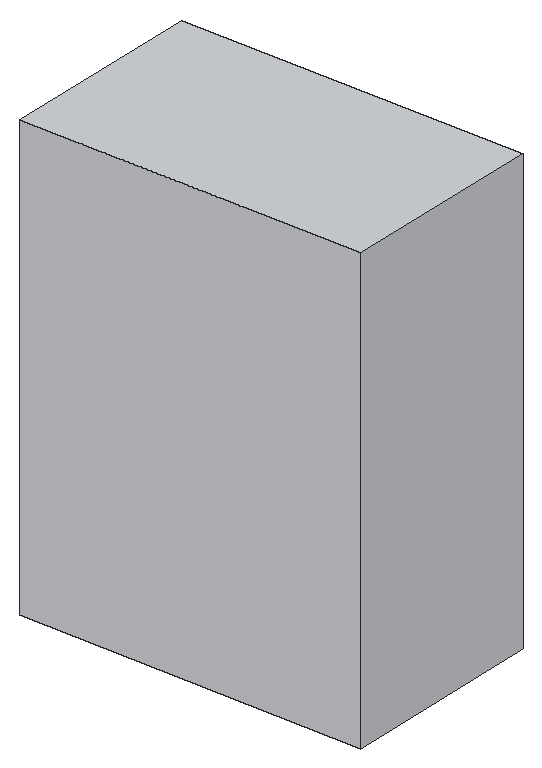
Revit family
Parameters
  Warranty Duration (Years) = 0
  Unit Width [instance] = 2' - 6"
  Unit Height [instance] = 0' - 9 99/256"
  Unit Depth = 0' - 0"
  URL = "http://www.americanspecialties.com/viewCategories.cfm"
  Trim Material = Metal - Stainless Steel w/satin
  Test Data = ""
  Specification = "http://www.arcat.com/sdspecs/htm/10810asi.htm"
  SpecWizard = ""
  Send Message = "http://www.arcat.com/users.pl?action=UserEmail&company=American%20Specialties,%20Inc.&coid=30448&rep=139&fax=914-476-0688&mf="
  Sales Information = "http://www.americanspecialties.com/contact"
  Revision = "R1_10-2010"
  Product Properties = "http://www.americanspecialties.com/datasheets/1615.pdf"
  Product Data = "http://www.arcat.com/arcatcos/cos30/arc30448.html"
  Model = "As Specified in 10 28 13"
  Manufacturer Website = "http://www.americanspecialties.com/viewCategories.cfm"
  Manufacturer Phone - Toll Free = ""
  Manufacturer Phone = "914-476-9000 "
  Manufacturer Fax = "914-476-0688"
  Manufacturer Address = "441 Saw Mill River Rd., Yonkers, NY 10701"
  Manufacturer = "American Specialties, Inc."
  Maintenance Schedule (Months) = 0
  Keynote = "10 28 13"
  Installation-Fabrication = "http://www.americanspecialties.com/products.cfm"
  Green Building-LEED = ""
  Expected Lifespan (Years) = 0
  Drawn By = "Robert S. Weygant. CSI, CDT, SCIP"  # constant formula
  Description = "Toilet Accessory as Specified in 10 28 13"
  Default Elevation = 4' - 0"
  Copyright = "©Arcat Inc."
  Construction Details = "http://www.arcat.com/green/clients/leed_data_30448.html"
  Building Codes = "http://www.americanspecialties.com/products.cfm"
  Body Material = Metal - Stainless Steel w/satin
  Assembly Code = "C1030210"
Reference planes (in)
  plane 1 "Center (Front/Back)": y = -0.29112
  plane 2 "Floor Line": z = 0
  plane 3 "Center (Left/Right)": x = -0.65843
  plane 4: z = 52.69336
  plane 5: x = -15.65843
  plane 6: x = 14.34157
  plane 7: z = 48
  plane 8: z = 57.38672
Forms (in)
  Extrusion 1, solid
    sketch origin (-3, -9, -6) x (0, 0, -1) y (1, 0, 0)
      loop
        line (-82, 31.34157) -> (-82, -26.99487) -> (-6, -26.99487) -> (-6, 31.34157) -> (-82, 31.34157)
    from 9 to -25.60721
  Extrusion 2, solid, material "Metal - Stainless Steel w/satin" <- "Body Material"
    sketch origin (0, 0, 0) x (1, 0, 0) y (0, 1, 0)
      loop
        circle (-15.65843, -0.29112) r 1.5
      loop
        circle (14.34157, -0.29112) r 1.5
      loop
        circle (-15.08812, 0.69669) r 0.125
      loop
        circle (-16.79906, -0.29112) r 0.125
      loop
        circle (-15.08812, -1.27893) r 0.125
      loop
        circle (13.77125, 0.69669) r 0.125
      loop
        circle (15.48219, -0.29112) r 0.125
      loop
        circle (13.77125, -1.27893) r 0.125
    from 0 to 0.25
  Sweep 3, solid, material "Metal - Stainless Steel w/satin" <- "Body Material"
    path origin (0, -0.29112, 0) x (1, 0, 0) y (0, 0, 1)
      loop
        line (-15.65843, 0.25) -> (-15.65843, 0.75)
        arc (-15.65843, 0.75) -> (-15.21909, 1.81066) -> (-14.15843, 2.25) r 1.5
        line (-14.15843, 2.25) -> (12.84157, 2.25)
        arc (12.84157, 2.25) -> (13.90223, 1.81066) -> (14.34157, 0.75) r 1.5
        line (14.34157, 0.75) -> (14.34157, 0.25)
    profile origin (-15.65843, -0.29112, 0.5) x (-1, 0, 0) y (0, -1, 0)
      loop
        circle (0, 0) r 0.75
  Extrusion 4, solid, material "Metal - Stainless Steel w/satin" <- "Body Material"
    sketch origin (0, 0, 0) x (1, 0, 0) y (0, 1, 0)
      loop
        line (-15.67555, -1.10362) -> (14.35868, -1.10362) -> (14.35868, -1.04112) -> (-15.67555, -1.04112) -> (-15.67555, -1.10362)
    from 0.25 to 2.26533
  Extrusion 5, void
    sketch origin (0, -0.29112, 0) x (1, 0, 0) y (0, 0, 1)
      loop
        line (-15.65843, 0.25) -> (-15.65843, 0.75)
        arc (-15.65843, 0.75) -> (-15.21909, 1.81066) -> (-14.15843, 2.25) r 1.5
        line (-14.15843, 2.25) -> (12.84157, 2.25)
        arc (12.84157, 2.25) -> (13.90223, 1.81066) -> (14.34157, 0.75) r 1.5
        line (14.34157, 0.75) -> (14.34157, 0.25) -> (16.09157, 0.25) -> (16.09157, 4) -> (-17.65843, 4) -> (-17.65843, 0.25) -> (-15.65843, 0.25)
    from 0 to 3.25636
Cuts and joins
  Extrusion 5 cuts Extrusion 2
  Extrusion 5 cuts Extrusion 4
Dimensions and locks (in)
  equal spacing: plane 8, plane 4, plane 7
  "Unit Height": plane 8 to plane 7
  "Default Elevation": plane 7 to plane 2 "Floor Line"
  aligned and locked: Extrusion 1 to level
  aligned and locked: Extrusion 4 to Extrusion 2
Automatic sketch dimensions
  Extrusion 1 sketch curve to Extrusion 1 sketch curve = 6' - 4"
  Extrusion 1 sketch curve to Extrusion 1 sketch curve = 4' - 10.33643"
  Extrusion 2 sketch curve to plane 1 "Center (Front/Back)" = 0' - 0"  (x4)
  Extrusion 2 sketch curve to plane 5 = 0' - 0"
  Extrusion 2 sketch curve to plane 6 = 0' - 0"
  Extrusion 2 sketch curve to Extrusion 2 sketch curve = 0' - 1 9/64"
  plane 5 to Extrusion 2 sketch curve = 0' - 0 73/128"  (x2)
  Extrusion 2 sketch curve to plane 6 = 0' - 0 73/128"  (x2)
  plane 6 to Extrusion 2 sketch curve = 0' - 1 9/64"
  plane 1 "Center (Front/Back)" to Extrusion 2 sketch curve = 0' - 0.98781"  (x2)
  Extrusion 2 sketch curve to plane 1 "Center (Front/Back)" = 0' - 0.98781"  (x2)
  Sweep 3 sketch curve to plane 5 = 0' - 0"
  Sweep 3 sketch curve to plane 6 = 0' - 0"
  plane 5 to Sweep 3 sketch curve = 0' - 1 1/2"
  level to Sweep 3 sketch curve = 0' - 0 3/4"
  Sweep 3 sketch curve to plane 6 = 0' - 1 1/2"
  level to Sweep 3 sketch curve = 0' - 0 1/4"  (x2)
  Sweep 3 sketch curve to plane 1 "Center (Front/Back)" = 0' - 0"
  Sweep 3 sketch curve to profile plane = 0' - 0"
  Extrusion 4 sketch curve to plane 5 = 0' - 0.01712"
  plane 6 to Extrusion 4 sketch curve = 0' - 0.01712"
  plane 1 "Center (Front/Back)" to Extrusion 4 sketch curve = 0' - 0 13/16"
  Extrusion 4 sketch curve to Extrusion 4 sketch curve = 0' - 0 1/16"
  Extrusion 5 sketch curve to plane 5 = 0' - 0"
  Extrusion 5 sketch curve to plane 6 = 0' - 0"
  Extrusion 5 sketch curve to plane 5 = 0' - 2"
  level to Extrusion 5 sketch curve = 0' - 0 3/4"
  Extrusion 5 sketch curve to Extrusion 5 sketch curve = 0' - 1 1/2"
  Extrusion 5 sketch curve to plane 6 = 0' - 1 1/2"
  level to Extrusion 5 sketch curve = 0' - 0 1/4"  (x2)
  Extrusion 5 sketch curve to Extrusion 5 sketch curve = 0' - 1 3/4"
  Extrusion 5 sketch curve to Extrusion 5 sketch curve = 0' - 3 1/4"
  radius of Extrusion 2 sketch curve = 0' - 1 1/2"  (x2)
  radius of Extrusion 2 sketch curve = 0' - 0 1/8"  (x6)
  radius of Sweep 3 sketch curve = 0' - 0 3/4"
